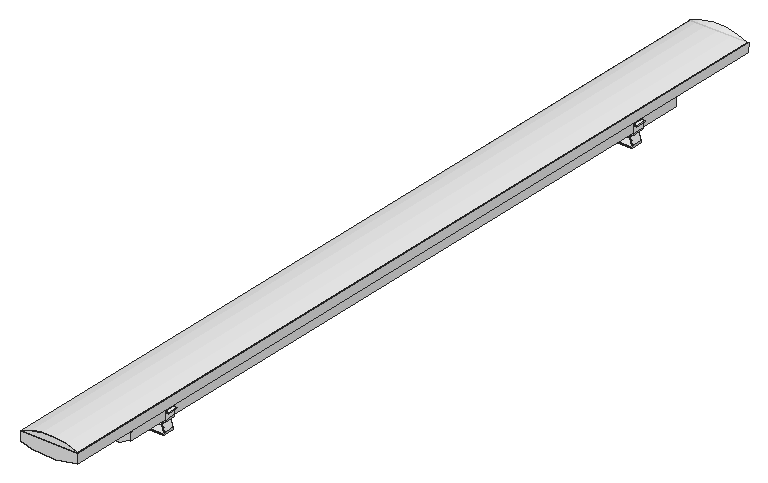
Revit family "Lighting-Industrial-GEWISS-SMART[3]PLUS-HLO-WATERTIGHT-LED_TRANSPARENT_MEDBEAM_1600mm", category Apparecchi per illuminazione, host Superficie, Revit 2019
Family settings
  Host = Superficie
  Quota connettore circolare = Usa diametro
  Tipo di parte = Normale
  Taglio con vuoti quando caricato = No
  Sorgente d'illuminazione = Sì
  Condiviso = No
  Punto di calcolo locali = No
Parameters (values of type "GWS3323BC957 - SMART3 PLUS 1600 T.W.DALI HO CONC 9 57")
  Working temperature = "-25 +45 °C"
  Weight (kg): = ""
  Wattage = 27 W
  Warranty = "5 years"
  Voltage = "220-240 V "
  Visibilità simbolo [instance] = yes
  Visibilità pianta [instance] = not(Visibilità simbolo)  # no
  Visibilità etichetta [instance] = yes
  Version file RFA = "20.0"
  Variazione temperatura colore lampada con luminosità attenuata = (empty or 0)
  URL = "https://www.gewiss.com/ww/en"
  Typology = "DALI"
  Type of light source = "LED - Not replaceable"
  Technical sheet = "https://www.gewiss.com/ww/en/search?q=GWS3323BC957"
  System power = "63 W"
  Shock resistance = "IK08"
  Shield type = "Transparent"
  SEO = "Ceiling"
  Realized by GEWISS S.p.A. = ""
  Operating temperature: = "-25 +45 °C"
  Numero poli = 2
  built-in parameter 1150107 = 5700 (stored number, unit not read)
  Struttura = GRIGIO
  Stampa 1_200 = no
  Stampa 1_100 = not(Stampa 1_200)  # yes
  Spostamento_Y_etichetta [instance] = 0 mm
  Spostamento_Y_effettivo_etichetta [instance] = 1500 mm - Spostamento_Y_etichetta  # 1500 mm
  Spostamento_X_etichetta [instance] = 0 mm
  Spostamento_X_effettivo_etichetta [instance] = 1500 mm - Spostamento_X_etichetta  # 1500 mm
  Schermo. = Led Acceso
  Default Elevation = 1219.2 mm
  Produttore = "GEWISS S.p.A."
  built-in parameter 1150110 = 1 (stored number, unit not read)
  built-in parameter 1150109 = 1 (stored number, unit not read)
  built-in parameter 1114218 = 1 (stored number, unit not read)
  built-in parameter 1150112 = 1 (stored number, unit not read)
  Nominal flux (lm) = ""
  No. LED (#) = ""
  Modello = "GWS3323BC957"
  built-in parameter 1150137 = (empty or 0)
  built-in parameter 1150132 = (empty or 0)
  Lunghezza Lampada = 1600 mm  # constant formula
  Lumen output (lm) = "7100"
  Length = "1600 mm"
  Lampada = "LED"
  Lamp = "LED"
  LED LifeTime (L80B20) = ""
  LED Life time (L80B50) = ""
  LED Life time (L70) = ""
  LED Life Time (L90B50) = ""
  built-in parameter 1150105 = 1406.7 (stored number, unit not read)
  built-in parameter 1150102 = (empty or 0)
  Insulation class = "II"
  Immagine tipo = GWS3280TS.jpg
  built-in parameter 1150106 = 14.067 (stored number, unit not read)
  IP degree = "IP66/IP69"
  IFC.TypeObject = ""
  IFC.ExportType = ""
  IFC.ExportAs = ""
  IDT = "b00432e8-6c7e-4c0b-b2bb-cd3ca21adb70"
  IDF = "2e32ed57-e4cd-4863-9dd7-ff54225198b2"
  Glow Wire Test = "850°C"
  Ganci = Alluminio
  Lumens = 4010.63 lm
  Color Filter = 16777215
  File diagramma fotometrico = "GWS3323BC957.IES"
  built-in parameter 1114217 = 1 (stored number, unit not read)
  built-in parameter 1150139 = (empty or 0)
  Failure rate apparecchio (50.000h, Tq=25Â° C) = ""
  Failure rate apparecchio (35.000h, Tq=35Â° C) = ""
  Emetti da lunghezza linea = 1200 mm
  Electrocod = "2434"
  Efficiency class of integrated LEDs = "A ÷ A++"
  built-in parameter 1150104 = 13.8 (stored number, unit not read)
  EAN code = ""
  Driver type = ""
  built-in parameter 1150115 = 1 (stored number, unit not read)
  built-in parameter 1150114 = 1 (stored number, unit not read)
  built-in parameter 1150113 = 1 (stored number, unit not read)
  Device with reduced surface temperature = ""
  Descrizione = "SMART3 PLUS 1600 T.W.DALI HO CONC 9 57"
  Commenti sul wattaggio = "67W"
  Colour temperature: = "5700 K (CRI > 90)"
  Colour temperature = "5700 K (CRI > 90)"
  built-in parameter 1150134 = (empty or 0)
  built-in parameter 1150138 = (empty or 0)
  Catalogue Range = "SMART[3] PLUS HLO"
  Catalogue = "LIGHTING"
  Carico apparente = 67 VA
  COBie.Tagnumber = ""
  COBie.CreatedOn = ""
  COBie.CreatebBy = ""
  COBie.ComponentRegisterItemID = ""
  COBie.Component.TagNumber = ""
  COBie.Component.Space = ""
  COBie.Component.SerialNumber = ""
  COBie.Component.InstallationDate = ""
  COBie.Component.Description = ""
  COBie.Component.BarCode = ""
  Application = "Indoor"
  Tilt Angle = -90.00°
  built-in parameter 1150133 = 10 (stored number, unit not read)
Types (24, lengths in mm): name | Working temperature | Typology | Technical sheet | System power | Operating temperature: | Modello | Lumen output (lm) | Immagine tipo | IDT | File diagramma fotometrico | Descrizione | Commenti sul wattaggio | Colour temperature: | Colour temperature | Carico apparente
  GWS3320BC830 - SMART3 PLUS 1600 ON/OFF HO CONC 8 30 | "-25 +50 °C" | "" | "https://www.gewiss.com/ww/en/search?q=GWS3320BC830" | "61 W" | "-25 +50 °C" | "GWS3320BC830" | "8500" | GWS3158T.jpg | "51874a5f-5911-4fc8-a872-f72a5111fd3c" | "GWS3320BC830.IES" | "SMART3 PLUS 1600 ON/OFF HO CONC 8 30" | "26W" | "3000 K (CRI > 80)" | "3000 K (CRI > 80)" | 26 VA
  GWS3320BC840 - SMART3 PLUS 1600 ON/OFF HO CONC 8 40 | "-25 +50 °C" | "" | "https://www.gewiss.com/ww/en/search?q=GWS3320BC840" | "61 W" | "-25 +50 °C" | "GWS3320BC840" | "8900" | GWS3158T30K.jpg | "e9fb3ce9-b5e0-4438-a7fa-7e89d9c6abb2" | "GWS3320BC840.IES" | "SMART3 PLUS 1600 ON/OFF HO CONC 8 40" | "26W" | "4000 K (CRI > 80)" | "4000 K (CRI > 80)" | 26 VA
  GWS3320BC857 - SMART3 PLUS 1600 ON/OFF HO CONC 8 57 | "-25 +50 °C" | "" | "https://www.gewiss.com/ww/en/search?q=GWS3320BC857" | "61 W" | "-25 +50 °C" | "GWS3320BC857" | "8900" | GWS3158T57K.jpg | "e657f4e3-5612-4aa4-8f5e-469920edbc74" | "GWS3320BC857.IES" | "SMART3 PLUS 1600 ON/OFF HO CONC 8 57" | "26W" | "5700 K (CRI > 80)" | "5700 K (CRI > 80)" | 26 VA
  GWS3321BC940 - SMART3 PLUS 1600 DALI HO CONC 9 40 | "-25 +45 °C" | "DALI" | "https://www.gewiss.com/ww/en/search?q=GWS3321BC940" | "63 W" | "-25 +45 °C" | "GWS3321BC940" | "7100" | GWS3258T.jpg | "65958f95-e7f8-4c19-86e3-ff2f32f95c70" | "GWS3321BC940.IES" | "SMART3 PLUS 1600 DALI HO CONC 9 40" | "53W" | "4000 K (CRI > 90)" | "4000 K (CRI > 90)" | 53 VA
  GWS3321BC957 - SMART3 PLUS 1600 DALI HO CONC 9 57 | "-25 +45 °C" | "DALI" | "https://www.gewiss.com/ww/en/search?q=GWS3321BC957" | "63 W" | "-25 +45 °C" | "GWS3321BC957" | "7100" | GWS3258T30K.jpg | "87f11829-bd42-43da-abd5-1284eb4abbd7" | "GWS3321BC957.IES" | "SMART3 PLUS 1600 DALI HO CONC 9 57" | "53W" | "5700 K (CRI > 90)" | "5700 K (CRI > 90)" | 53 VA
  GWS3322BC830 - SMART3 PLUS 1600 T.W.ON/OFF HO CONC 8 30 | "-25 +50 °C" | "" | "https://www.gewiss.com/ww/en/search?q=GWS3322BC830" | "61 W" | "-25 +50 °C" | "GWS3322BC830" | "8500" | GWS3258T57K.jpg | "64a5e25e-2b8b-4251-b203-5ea693b3453b" | "GWS3322BC830.IES" | "SMART3 PLUS 1600 T.W.ON/OFF HO CONC 8 30" | "53W" | "3000 K (CRI > 80)" | "3000 K (CRI > 80)" | 53 VA
  GWS3320BC930 - SMART3 PLUS 1600 ON/OFF HO CONC 9 30 | "-25 +50 °C" | "" | "https://www.gewiss.com/ww/en/search?q=GWS3320BC930" | "61 W" | "-25 +50 °C" | "GWS3320BC930" | "6600" | GWS3158TD30K.jpg | "d27e9a01-79ad-4849-b71e-ad3046dd77c8" | "GWS3320BC930.IES" | "SMART3 PLUS 1600 ON/OFF HO CONC 9 30" | "27W" | "3000 K (CRI > 90)" | "3000 K (CRI > 90)" | 27 VA
  GWS3320BC940 - SMART3 PLUS 1600 ON/OFF HO CONC 9 40 | "-25 +50 °C" | "" | "https://www.gewiss.com/ww/en/search?q=GWS3320BC940" | "61 W" | "-25 +50 °C" | "GWS3320BC940" | "7100" | GWS3158TD57K.jpg | "889abac6-9bb5-4058-b233-50f464c11995" | "GWS3320BC940.IES" | "SMART3 PLUS 1600 ON/OFF HO CONC 9 40" | "27W" | "4000 K (CRI > 90)" | "4000 K (CRI > 90)" | 27 VA
  GWS3320BC957 - SMART3 PLUS 1600 ON/OFF HO CONC 9 57 | "-25 +50 °C" | "" | "https://www.gewiss.com/ww/en/search?q=GWS3320BC957" | "61 W" | "-25 +50 °C" | "GWS3320BC957" | "7100" | GWS3158TL.jpg | "5ad3064c-a93f-4846-a5d8-ab0fe61b4c5d" | "GWS3320BC957.IES" | "SMART3 PLUS 1600 ON/OFF HO CONC 9 57" | "26W" | "5700 K (CRI > 90)" | "5700 K (CRI > 90)" | 26 VA
  GWS3321BC830 - SMART3 PLUS 1600 DALI HO CONC 8 30 | "-25 +45 °C" | "DALI" | "https://www.gewiss.com/ww/en/search?q=GWS3321BC830" | "63 W" | "-25 +45 °C" | "GWS3321BC830" | "8500" | GWS3158TL30K.jpg | "a60093cb-3f4d-4f96-8bdb-7d650ae2cbaa" | "GWS3321BC830.IES" | "SMART3 PLUS 1600 DALI HO CONC 8 30" | "26W" | "3000 K (CRI > 80)" | "3000 K (CRI > 80)" | 26 VA
  GWS3321BC840 - SMART3 PLUS 1600 DALI HO CONC 8 40 | "-25 +45 °C" | "DALI" | "https://www.gewiss.com/ww/en/search?q=GWS3321BC840" | "63 W" | "-25 +45 °C" | "GWS3321BC840" | "8900" | GWS3158TL57K.jpg | "7fb05e5f-cd81-445a-8df8-66fea902ef50" | "GWS3321BC840.IES" | "SMART3 PLUS 1600 DALI HO CONC 8 40" | "26W" | "4000 K (CRI > 80)" | "4000 K (CRI > 80)" | 26 VA
  GWS3321BC857 - SMART3 PLUS 1600 DALI HO CONC 8 57 | "-25 +45 °C" | "DALI" | "https://www.gewiss.com/ww/en/search?q=GWS3321BC857" | "63 W" | "-25 +45 °C" | "GWS3321BC857" | "8900" | GWS3158TLD30K.jpg | "5ec17c8a-fe5e-42aa-a6a3-d3f001b0f863" | "GWS3321BC857.IES" | "SMART3 PLUS 1600 DALI HO CONC 8 57" | "27W" | "5700 K (CRI > 80)" | "5700 K (CRI > 80)" | 27 VA
  GWS3321BC930 - SMART3 PLUS 1600 DALI HO CONC 9 30 | "-25 +45 °C" | "DALI" | "https://www.gewiss.com/ww/en/search?q=GWS3321BC930" | "63 W" | "-25 +45 °C" | "GWS3321BC930" | "6600" | GWS3158TLD57K.jpg | "fad7e840-af3a-4df0-b764-14f4147dd9ba" | "GWS3321BC930.IES" | "SMART3 PLUS 1600 DALI HO CONC 9 30" | "27W" | "3000 K (CRI > 90)" | "3000 K (CRI > 90)" | 27 VA
  GWS3322BC840 - SMART3 PLUS 1600 T.W.ON/OFF HO CONC 8 40 | "-25 +50 °C" | "" | "https://www.gewiss.com/ww/en/search?q=GWS3322BC840" | "61 W" | "-25 +50 °C" | "GWS3322BC840" | "8900" | GWS3258TD.jpg | "95eb6b9a-2660-4f3a-a8cc-c0dcb3b3a553" | "GWS3322BC840.IES" | "SMART3 PLUS 1600 T.W.ON/OFF HO CONC 8 40" | "55W" | "4000 K (CRI > 80)" | "4000 K (CRI > 80)" | 55 VA
  GWS3322BC857 - SMART3 PLUS 1600 T.W.ON/OFF HO CONC 8 57 | "-25 +50 °C" | "" | "https://www.gewiss.com/ww/en/search?q=GWS3322BC857" | "61 W" | "-25 +50 °C" | "GWS3322BC857" | "8900" | GWS3258T30K.jpg | "c3caccaa-4e5a-4830-8f64-a7e2341cad41" | "GWS3322BC857.IES" | "SMART3 PLUS 1600 T.W.ON/OFF HO CONC 8 57" | "55W" | "5700 K (CRI > 80)" | "5700 K (CRI > 80)" | 55 VA
  GWS3322BC930 - SMART3 PLUS 1600 T.W.ON/OFF HO CONC 9 30 | "-25 +50 °C" | "" | "https://www.gewiss.com/ww/en/search?q=GWS3322BC930" | "61 W" | "-25 +50 °C" | "GWS3322BC930" | "6600" | GWS3258TD57K.jpg | "b1758d13-2a52-476e-b43b-9c48c757a74a" | "GWS3322BC930.IES" | "SMART3 PLUS 1600 T.W.ON/OFF HO CONC 9 30" | "55W" | "3000 K (CRI > 90)" | "3000 K (CRI > 90)" | 55 VA
  GWS3322BC940 - SMART3 PLUS 1600 T.W.ON/OFF HO CONC 9 40 | "-25 +50 °C" | "" | "https://www.gewiss.com/ww/en/search?q=GWS3322BC940" | "61 W" | "-25 +50 °C" | "GWS3322BC940" | "7100" | GWS3258TL.jpg | "2488c67f-667e-4f1e-b686-f3dfdf3056d8" | "GWS3322BC940.IES" | "SMART3 PLUS 1600 T.W.ON/OFF HO CONC 9 40" | "53W" | "4000 K (CRI > 90)" | "4000 K (CRI > 90)" | 53 VA
  GWS3322BC957 - SMART3 PLUS 1600 T.W.ON/OFF HO CONC 9 57 | "-25 +50 °C" | "" | "https://www.gewiss.com/ww/en/search?q=GWS3322BC957" | "61 W" | "-25 +50 °C" | "GWS3322BC957" | "7100" | GWS3258TL30K.jpg | "f705bc28-f25b-4d57-9af6-de8809458856" | "GWS3322BC957.IES" | "SMART3 PLUS 1600 T.W.ON/OFF HO CONC 9 57" | "53W" | "5700 K (CRI > 90)" | "5700 K (CRI > 90)" | 53 VA
  GWS3323BC830 - SMART3 PLUS 1600 T.W.DALI HO CONC 8 30 | "-25 +45 °C" | "DALI" | "https://www.gewiss.com/ww/en/search?q=GWS3323BC830" | "63 W" | "-25 +45 °C" | "GWS3323BC830" | "8500" | GWS3258TL57K.jpg | "2716a0e9-64e2-469b-bfd0-99e64ee285ab" | "GWS3323BC830.IES" | "SMART3 PLUS 1600 T.W.DALI HO CONC 8 30" | "53W" | "3000 K (CRI > 80)" | "3000 K (CRI > 80)" | 53 VA
  GWS3323BC840 - SMART3 PLUS 1600 T.W.DALI HO CONC 8 40 | "-25 +45 °C" | "DALI" | "https://www.gewiss.com/ww/en/search?q=GWS3323BC840" | "63 W" | "-25 +45 °C" | "GWS3323BC840" | "8900" | GWS3258TLD.jpg | "53bf4455-74a7-45b5-9f99-1f0571a5c14e" | "GWS3323BC840.IES" | "SMART3 PLUS 1600 T.W.DALI HO CONC 8 40" | "55W" | "4000 K (CRI > 80)" | "4000 K (CRI > 80)" | 55 VA
  GWS3323BC857 - SMART3 PLUS 1600 T.W.DALI HO CONC 8 57 | "-25 +45 °C" | "DALI" | "https://www.gewiss.com/ww/en/search?q=GWS3323BC857" | "63 W" | "-25 +45 °C" | "GWS3323BC857" | "8900" | GWS3258TLD30K.jpg | "d207a6d6-3db3-4a8c-882d-02bcd1ab076f" | "GWS3323BC857.IES" | "SMART3 PLUS 1600 T.W.DALI HO CONC 8 57" | "55W" | "5700 K (CRI > 80)" | "5700 K (CRI > 80)" | 55 VA
  GWS3323BC930 - SMART3 PLUS 1600 T.W.DALI HO CONC 9 30 | "-25 +45 °C" | "DALI" | "https://www.gewiss.com/ww/en/search?q=GWS3323BC930" | "63 W" | "-25 +45 °C" | "GWS3323BC930" | "6600" | GWS3258TLD57K.jpg | "c4e6d04e-cb91-4804-836c-f12bcb5acef6" | "GWS3323BC930.IES" | "SMART3 PLUS 1600 T.W.DALI HO CONC 9 30" | "55W" | "3000 K (CRI > 90)" | "3000 K (CRI > 90)" | 55 VA
  GWS3323BC957 - SMART3 PLUS 1600 T.W.DALI HO CONC 9 57 | "-25 +45 °C" | "DALI" | "https://www.gewiss.com/ww/en/search?q=GWS3323BC957" | "63 W" | "-25 +45 °C" | "GWS3323BC957" | "7100" | GWS3280TS.jpg | "b00432e8-6c7e-4c0b-b2bb-cd3ca21adb70" | "GWS3323BC957.IES" | "SMART3 PLUS 1600 T.W.DALI HO CONC 9 57" | "67W" | "5700 K (CRI > 90)" | "5700 K (CRI > 90)" | 67 VA
  GWS3323BC940 - SMART3 PLUS 1600 T.W.DALI HO CONC 9 40 | "-25 +45 °C" | "DALI" | "https://www.gewiss.com/ww/en/search?q=GWS3323BC940" | "63 W" | "-25 +45 °C" | "GWS3323BC940" | "7100" | GWS3280TLS.jpg | "34a9e3cc-20e7-4faf-acb9-680dcd69804f" | "GWS3323BC940.IES" | "SMART3 PLUS 1600 T.W.DALI HO CONC 9 40" | "67W" | "4000 K (CRI > 90)" | "4000 K (CRI > 90)" | 67 VA
Reference planes
  plane 1 "Centro (Fronte/Retro)": y = 0
  plane 2: z = 0
  plane 3 "Centro (Sinistra/Destra)": x = 0
  plane 4: x = -1500
  plane 5: y = -1500
  plane 6: x = 0
  plane 7: y = 0
Forms (mm)
  Extrusion 1, solid, material "Alluminio" <- "Ganci", detail levels medium+fine
    sketch origin (0, 0, 0) x (1, 0, 0) y (0, 0, 1)
      loop
        arc (31.431, -0.002) -> (34.576, 1.589) -> (35.156, 5.066) r 3.903
        line (35.156, 5.066) -> (29.612, 23.211)
        arc (29.612, 23.211) -> (29.883, 24.381) -> (31.032, 24.73) r 1.2
        line (31.032, 24.73) -> (34.307, 23.974)
        arc (34.307, 23.974) -> (36.765, 24.53) -> (37.859, 26.8) r 2.9
        line (37.859, 26.8) -> (37.859, 38.8)
        arc (37.859, 38.8) -> (37.648, 39.694) -> (37.059, 40.4) r 2
        line (37.059, 40.4) -> (37.059, 42.71) -> (42.861, 40.598) -> (43.203, 41.538) -> (37.53, 43.603)
        arc (37.53, 43.603) -> (37.019, 43.613) -> (36.605, 43.311) r 0.8
        line (36.605, 43.311) -> (36.306, 26.139)
        arc (36.306, 26.139) -> (35.6, 25.444) -> (34.616, 25.34) r 1.5
        line (34.616, 25.34) -> (31.344, 26.095)
        arc (31.344, 26.095) -> (28.858, 25.335) -> (28.273, 22.802) r 2.6
        line (28.273, 22.802) -> (33.827, 4.636)
        arc (33.827, 4.636) -> (33.449, 2.415) -> (31.438, 1.4) r 2.5
        line (31.438, 1.4) -> (-31.437, 1.4)
        arc (-31.437, 1.4) -> (-33.449, 2.415) -> (-33.827, 4.636) r 2.5
        line (-33.827, 4.636) -> (-28.273, 22.802)
        arc (-28.273, 22.802) -> (-28.858, 25.335) -> (-31.344, 26.095) r 2.6
        line (-31.344, 26.095) -> (-34.616, 25.34)
        arc (-34.616, 25.34) -> (-35.6, 25.444) -> (-36.306, 26.139) r 1.5
        line (-36.306, 26.139) -> (-36.605, 43.311)
        arc (-36.605, 43.311) -> (-37.019, 43.613) -> (-37.53, 43.603) r 0.8
        line (-37.53, 43.603) -> (-43.203, 41.538) -> (-42.861, 40.598) -> (-37.059, 42.71) -> (-37.059, 40.4)
        arc (-37.059, 40.4) -> (-37.648, 39.694) -> (-37.859, 38.8) r 2
        line (-37.859, 38.8) -> (-37.859, 26.8)
        arc (-37.859, 26.8) -> (-36.765, 24.53) -> (-34.307, 23.974) r 2.9
        line (-34.307, 23.974) -> (-31.032, 24.73)
        arc (-31.032, 24.73) -> (-29.883, 24.381) -> (-29.612, 23.211) r 1.2
        line (-29.612, 23.211) -> (-35.156, 5.066)
        arc (-35.156, 5.066) -> (-34.576, 1.589) -> (-31.431, -0.002) r 3.903
        line (-31.431, -0.002) -> (31.431, -0.002)
    from 548.766 to 568.766
  Extrusion 2, solid, material "Alluminio" <- "Ganci", detail levels medium+fine
    sketch origin (0, 0, 0) x (1, 0, 0) y (0, 0, -1)
      loop
        line (31.431, 0.002) -> (-31.431, 0.002)
        arc (-31.431, 0.002) -> (-34.576, -1.589) -> (-35.156, -5.066) r 3.903
        line (-35.156, -5.066) -> (-29.612, -23.211)
        arc (-29.612, -23.211) -> (-29.883, -24.381) -> (-31.032, -24.73) r 1.2
        line (-31.032, -24.73) -> (-34.307, -23.974)
        arc (-34.307, -23.974) -> (-36.765, -24.53) -> (-37.859, -26.8) r 2.9
        line (-37.859, -26.8) -> (-37.859, -38.8)
        arc (-37.859, -38.8) -> (-37.648, -39.694) -> (-37.059, -40.4) r 2
        line (-37.059, -40.4) -> (-37.059, -42.71) -> (-42.861, -40.598) -> (-43.203, -41.538) -> (-37.53, -43.603)
        arc (-37.53, -43.603) -> (-37.019, -43.613) -> (-36.605, -43.311) r 0.8
        line (-36.605, -43.311) -> (-36.306, -26.139)
        arc (-36.306, -26.139) -> (-35.6, -25.444) -> (-34.616, -25.34) r 1.5
        line (-34.616, -25.34) -> (-31.344, -26.095)
        arc (-31.344, -26.095) -> (-28.858, -25.335) -> (-28.273, -22.802) r 2.6
        line (-28.273, -22.802) -> (-33.827, -4.636)
        arc (-33.827, -4.636) -> (-33.449, -2.415) -> (-31.437, -1.4) r 2.5
        line (-31.437, -1.4) -> (31.438, -1.4)
        arc (31.438, -1.4) -> (33.449, -2.415) -> (33.827, -4.636) r 2.5
        line (33.827, -4.636) -> (28.273, -22.802)
        arc (28.273, -22.802) -> (28.858, -25.335) -> (31.344, -26.095) r 2.6
        line (31.344, -26.095) -> (34.616, -25.34)
        arc (34.616, -25.34) -> (35.6, -25.444) -> (36.306, -26.139) r 1.5
        line (36.306, -26.139) -> (36.605, -43.311)
        arc (36.605, -43.311) -> (37.019, -43.613) -> (37.53, -43.603) r 0.8
        line (37.53, -43.603) -> (43.203, -41.538) -> (42.861, -40.598) -> (37.059, -42.71) -> (37.059, -40.4)
        arc (37.059, -40.4) -> (37.648, -39.694) -> (37.859, -38.8) r 2
        line (37.859, -38.8) -> (37.859, -26.8)
        arc (37.859, -26.8) -> (36.765, -24.53) -> (34.307, -23.974) r 2.9
        line (34.307, -23.974) -> (31.032, -24.73)
        arc (31.032, -24.73) -> (29.883, -24.381) -> (29.612, -23.211) r 1.2
        line (29.612, -23.211) -> (35.156, -5.066)
        arc (35.156, -5.066) -> (34.576, -1.589) -> (31.431, 0.002) r 3.903
    from 548.766 to 568.766
  Extrusion 3, solid, material "GRIGIO" <- "Struttura", detail levels medium+fine
    sketch origin (0, 0, 0) x (1, 0, 0) y (0, 0, 1)
      loop
        line (-36.331, 55.757) -> (-35.847, 28.018)
        arc (-35.847, 28.018) -> (-33.139, 27.27) -> (-30.416, 26.58) r 129.5
        arc (-30.416, 26.58) -> (-28.066, 25.76) -> (-25.915, 24.506) r 13
        arc (-25.915, 24.506) -> (-24.23, 23.324) -> (-22.521, 22.178) r 99.5
        arc (-22.521, 22.178) -> (-16.401, 19.063) -> (-9.748, 17.365) r 31.146
        line (-9.748, 17.365) -> (12.491, 17.365)
        arc (12.491, 17.365) -> (17.822, 19.098) -> (22.764, 21.745) r 31.646
        arc (22.764, 21.745) -> (24.509, 22.915) -> (26.228, 24.122) r 100
        arc (26.228, 24.122) -> (28.283, 25.313) -> (30.525, 26.095) r 12.5
        arc (30.525, 26.095) -> (33.437, 26.834) -> (36.332, 27.64) r 130
        line (36.332, 27.64) -> (36.824, 55.851)
        arc (36.824, 55.851) -> (24.914, 53.937) -> (12.909, 52.764) r 195.047
        line (12.909, 52.764) -> (-12.909, 52.764)
        arc (-12.909, 52.764) -> (-24.665, 53.905) -> (-36.331, 55.757) r 195.047
    from -650 to 650
  Extrusion 4, solid, material "GRIGIO" <- "Struttura", detail levels medium+fine
    sketch origin (0, 0, 0) x (1, 0, 0) y (0, 0, 1)
      loop
        line (54.725, 60.184) -> (55.177, 77.445) -> (-55.177, 77.445) -> (-54.725, 60.184)
        arc (-54.725, 60.184) -> (-34.019, 55.332) -> (-12.909, 52.764) r 195.047
        line (-12.909, 52.764) -> (12.909, 52.764)
        arc (12.909, 52.764) -> (34.019, 55.332) -> (54.725, 60.184) r 195.047
    from -800 to 800
  Extrusion 5, solid, material "Led Acceso" <- "Schermo.", detail levels medium+fine
    sketch origin (0, 0, 0) x (1, 0, 0) y (0, 0, 1)
      loop
        arc (54.697, 78.441) -> (-0.014, 90.457) -> (-54.723, 78.429) r 130.5
        arc (-54.723, 78.429) -> (-54.988, 77.838) -> (-54.5, 77.445) r 0.5
        line (-54.5, 77.445) -> (54.479, 77.445)
        arc (54.479, 77.445) -> (54.988, 77.855) -> (54.697, 78.441) r 0.522
    from -800 to 800
  Extrusion 6, solid, material "GRIGIO" <- "Struttura", detail levels coarse
    sketch origin (0, 0, 0) x (1, 0, 0) y (0, 0, 1)
      loop
        line (-54.5, 90.439) -> (-54.5, 0) -> (54.5, 0) -> (54.5, 90.439) -> (-54.5, 90.439)
    from -800 to 800
Lines and regions (mm)
  Masking region 1, visible <- "Visibilità pianta"
    outline origin (0, 0, 0) x (1, 0, 0) y (0, 1, 0)
      loop
        line (-55.177, 800) -> (-55.177, -800) -> (55.177, -800) -> (55.177, 800) -> (-55.177, 800)
  model lines, style "GEWISS - LIGHT 2D", not visible, detail levels medium+fine
    curve 1: arc (599.156, 237.359, 0) -> (604.568, 231.947, 0) -> (609.98, 237.359, 0) r 5.412
    curve 6: arc (581.804, 237.359, 0) -> (582.83, 230.601, 0) -> (585.816, 224.453, 0) r 22.764
    curve 7: arc (623.32, 224.453, 0) -> (626.306, 230.601, 0) -> (627.332, 237.359, 0) r 22.764
    curve 8: arc (609.98, -154.35, 0) -> (604.568, -148.937, 0) -> (599.156, -154.35, 0) r 5.412
    curve 14: arc (585.816, -141.444, 0) -> (582.83, -147.592, 0) -> (581.804, -154.35, 0) r 22.764
    curve 15: arc (627.332, -154.35, 0) -> (626.306, -147.592, 0) -> (623.32, -141.444, 0) r 22.764
    curve 22: line (581.804, 248.502, 0) -> (581.804, 237.359, 0)
    curve 23: line (581.804, 237.359, 0) -> (599.156, 237.359, 0)
    curve 24: line (599.156, 237.359, 0) -> (599.156, 248.502, 0)
    curve 25: line (599.156, 256.809, 0) -> (599.156, 262.193, 0)
    curve 26: line (609.98, 248.502, 0) -> (609.98, 237.359, 0)
    curve 27: line (609.98, 237.359, 0) -> (627.332, 237.359, 0)
    curve 28: line (627.332, 237.359, 0) -> (627.332, 248.502, 0)
    curve 39: line (581.804, -154.35, 0) -> (581.804, -165.498, 0)
    curve 40: line (581.804, -165.498, 0) -> (581.804, -154.35, 0)
    curve 41: line (581.804, -154.35, 0) -> (599.156, -154.35, 0)
    curve 42: line (599.156, -154.35, 0) -> (599.156, -165.498, 0)
    curve 43: line (609.98, -165.498, 0) -> (609.98, -154.35, 0)
    curve 44: line (609.98, -154.35, 0) -> (627.332, -154.35, 0)
    curve 45: line (627.332, -154.35, 0) -> (627.332, -165.498, 0)
    curve 46: line (627.332, -165.498, 0) -> (627.332, -154.35, 0)
    curve 47: line (609.98, -179.249, 0) -> (609.98, -173.749, 0)
    curve 50: line (599.156, -179.191, 0) -> (599.156, -173.807, 0)
    curve 94: circle (617.836, 259.501, 0) r 1.5 normal (0, 0, 1)
    curve 95: circle (591.836, 259.501, 0) r 1.5 normal (0, 0, 1)
    curve 96: arc (610.218, 256.751, 0) -> (612.968, 259.501, 0) -> (610.218, 262.251, 0) r 2.75
    curve 97: arc (599.718, 262.251, 0) -> (596.968, 259.501, 0) -> (599.718, 256.751, 0) r 2.75
    curve 102: circle (617.836, -176.499, 0) r 1.5 normal (0, 0, 1)
    curve 103: circle (591.836, -176.499, 0) r 1.5 normal (0, 0, 1)
    curve 104: arc (610.218, -179.249, 0) -> (612.968, -176.499, 0) -> (610.218, -173.749, 0) r 2.75
    curve 105: arc (599.718, -173.749, 0) -> (596.968, -176.499, 0) -> (599.718, -179.249, 0) r 2.75
    curve 184: line (599.718, 262.251, 0) -> (610.218, 262.251, 0)
    curve 185: line (599.718, 256.751, 0) -> (610.218, 256.751, 0)
    curve 194: line (599.718, -173.749, 0) -> (610.218, -173.749, 0)
    curve 195: line (599.718, -179.249, 0) -> (610.218, -179.249, 0)
    curve 214: line (604.568, 230.323, 0) -> (604.568, 244.394, 0)
    curve 215: line (611.603, 237.359, 0) -> (597.532, 237.359, 0)
    curve 216: line (604.568, -161.385, 0) -> (604.568, -147.314, 0)
    curve 217: line (611.603, -154.35, 0) -> (597.532, -154.35, 0)
    curve 223: line (617.836, 257.551, 0) -> (617.836, 261.451, 0)
    curve 224: line (619.786, 259.501, 0) -> (615.886, 259.501, 0)
    curve 225: line (591.836, 257.551, 0) -> (591.836, 261.451, 0)
    curve 226: line (593.786, 259.501, 0) -> (589.886, 259.501, 0)
    curve 227: line (603.293, 259.501, 0) -> (596.143, 259.501, 0)
    curve 228: line (610.218, 255.926, 0) -> (610.218, 263.076, 0)
    curve 229: line (613.793, 259.501, 0) -> (606.643, 259.501, 0)
    curve 230: line (617.836, -178.449, 0) -> (617.836, -174.549, 0)
    curve 231: line (619.786, -176.499, 0) -> (615.886, -176.499, 0)
    curve 232: line (591.836, -178.449, 0) -> (591.836, -174.549, 0)
    curve 233: line (593.786, -176.499, 0) -> (589.886, -176.499, 0)
    curve 234: line (599.718, -180.074, 0) -> (599.718, -172.924, 0)
    curve 235: line (603.293, -176.499, 0) -> (596.143, -176.499, 0)
    curve 236: line (610.218, -180.074, 0) -> (610.218, -172.924, 0)
    curve 237: line (613.793, -176.499, 0) -> (606.643, -176.499, 0)
    curve 238: arc (585.816, 224.453, 0) -> (604.568, 218.168, 0) -> (623.32, 224.453, 0) r 31.118
    curve 239: arc (623.32, -141.444, 0) -> (604.568, -135.159, 0) -> (585.816, -141.444, 0) r 31.118
  model lines, style "GEWISS - LIGHT 2D", not visible
    curve 2: arc (642.177, 315.223, 0) -> (641.755, 316.267, 0) -> (640.725, 316.723, 0) r 1.499
    curve 3: arc (640.726, -233.714, 0) -> (641.755, -233.258, 0) -> (642.177, -232.214, 0) r 1.499
    curve 4: arc (568.41, 316.723, 0) -> (567.381, 316.267, 0) -> (566.959, 315.223, 0) r 1.499
    curve 5: arc (566.959, -232.214, 0) -> (567.38, -233.258, 0) -> (568.409, -233.714, 0) r 1.499
    curve 16: line (568.41, 316.723, 0) -> (592.409, 317.119, 0)
    curve 17: line (592.409, 317.119, 0) -> (595.819, 317.196, 0)
    curve 18: line (595.819, 317.196, 0) -> (604.587, 317.348, 0)
    curve 19: line (604.587, 317.348, 0) -> (613.319, 317.196, 0)
    curve 20: line (613.319, 317.196, 0) -> (616.729, 317.119, 0)
    curve 21: line (616.729, 317.119, 0) -> (640.725, 316.723, 0)
    curve 29: line (568.409, -233.714, 0) -> (604.582, -234.348, 0)
    curve 30: line (604.582, -234.348, 0) -> (640.726, -233.714, 0)
    curve 31: line (642.177, -187.498, 0) -> (642.177, -232.214, 0)
    curve 32: line (642.177, 248.502, 0) -> (642.177, -165.498, 0)
    curve 33: line (642.177, 315.223, 0) -> (642.177, 270.502, 0)
    curve 34: line (566.959, 315.223, 0) -> (566.959, 270.502, 0)
    curve 35: line (566.959, 248.502, 0) -> (566.959, -165.498, 0)
    curve 36: line (566.959, -187.498, 0) -> (566.959, -232.214, 0)
    curve 37: line (604.549, -234.347, 0) -> (604.569, -233.348, 0)
    curve 38: line (604.569, -233.348, 0) -> (604.549, -234.347, 0)
    curve 48: line (609.989, -233.253, 0) -> (609.98, -232.753, 0)
    curve 49: line (609.98, -232.753, 0) -> (609.98, -187.498, 0)
    curve 51: line (599.147, -233.253, 0) -> (599.156, -232.753, 0)
    curve 52: line (599.156, -232.753, 0) -> (599.156, -187.498, 0)
    curve 53: line (604.568, -232.848, 0) -> (604.569, -233.348, 0)
    curve 54: line (604.569, -233.348, 0) -> (604.568, -232.848, 0)
    curve 69: arc (658.224, 441.447, 0) -> (657.902, 441.529, 0) -> (657.571, 441.558, 0) r 1.999
    curve 71: arc (659.744, 439.503, 0) -> (659.172, 440.906, 0) -> (657.781, 441.505, 0) r 1.998
    curve 72: arc (549.391, -356.494, 0) -> (549.963, -357.897, 0) -> (551.356, -358.495, 0) r 1.998
    curve 98: spline (648.539, 268.506, 0) -> (648.523, 268.767, 0) -> (648.475, 269.023, 0) -> (648.396, 269.27, 0) -> (648.287, 269.504, 0) -> (648.151, 269.721, 0) -> (647.989, 269.918, 0) -> (647.804, 270.09, 0) -> (647.599, 270.235, 0) -> (647.379, 270.35, 0) -> (647.146, 270.434, 0) -> (646.905, 270.485, 0) -> (646.66, 270.502, 0)
    curve 99: spline (646.66, 248.502, 0) -> (646.905, 248.519, 0) -> (647.146, 248.57, 0) -> (647.379, 248.654, 0) -> (647.599, 248.77, 0) -> (647.804, 248.916, 0) -> (647.989, 249.089, 0) -> (648.151, 249.286, 0) -> (648.287, 249.504, 0) -> (648.396, 249.739, 0) -> (648.475, 249.987, 0) -> (648.523, 250.245, 0) -> (648.539, 250.506, 0)
    curve 100: spline (561.397, 250.501, 0) -> (561.413, 250.24, 0) -> (561.461, 249.984, 0) -> (561.54, 249.736, 0) -> (561.648, 249.502, 0) -> (561.785, 249.284, 0) -> (561.947, 249.087, 0) -> (562.132, 248.915, 0) -> (562.336, 248.77, 0) -> (562.557, 248.654, 0) -> (562.79, 248.57, 0) -> (563.031, 248.519, 0) -> (563.276, 248.502, 0)
    curve 101: spline (563.276, 270.502, 0) -> (563.031, 270.485, 0) -> (562.79, 270.434, 0) -> (562.557, 270.35, 0) -> (562.336, 270.234, 0) -> (562.132, 270.089, 0) -> (561.947, 269.916, 0) -> (561.785, 269.72, 0) -> (561.648, 269.502, 0) -> (561.54, 269.267, 0) -> (561.461, 269.019, 0) -> (561.413, 268.763, 0) -> (561.397, 268.502, 0)
    curve 106: spline (648.539, -167.494, 0) -> (648.523, -167.233, 0) -> (648.475, -166.977, 0) -> (648.396, -166.73, 0) -> (648.287, -166.496, 0) -> (648.151, -166.279, 0) -> (647.989, -166.083, 0) -> (647.804, -165.911, 0) -> (647.599, -165.766, 0) -> (647.379, -165.65, 0) -> (647.146, -165.566, 0) -> (646.905, -165.515, 0) -> (646.66, -165.498, 0)
    curve 107: spline (646.66, -187.498, 0) -> (646.905, -187.481, 0) -> (647.146, -187.43, 0) -> (647.379, -187.346, 0) -> (647.599, -187.23, 0) -> (647.804, -187.084, 0) -> (647.989, -186.911, 0) -> (648.151, -186.714, 0) -> (648.287, -186.496, 0) -> (648.396, -186.261, 0) -> (648.475, -186.012, 0) -> (648.523, -185.755, 0) -> (648.539, -185.494, 0)
    curve 108: spline (561.397, -185.499, 0) -> (561.413, -185.76, 0) -> (561.461, -186.016, 0) -> (561.54, -186.264, 0) -> (561.648, -186.498, 0) -> (561.785, -186.716, 0) -> (561.947, -186.912, 0) -> (562.132, -187.085, 0) -> (562.336, -187.23, 0) -> (562.557, -187.346, 0) -> (562.79, -187.43, 0) -> (563.031, -187.481, 0) -> (563.276, -187.498, 0)
    curve 109: spline (563.276, -165.498, 0) -> (563.031, -165.516, 0) -> (562.79, -165.567, 0) -> (562.557, -165.651, 0) -> (562.336, -165.766, 0) -> (562.132, -165.912, 0) -> (561.947, -166.084, 0) -> (561.785, -166.281, 0) -> (561.648, -166.499, 0) -> (561.54, -166.733, 0) -> (561.461, -166.981, 0) -> (561.413, -167.238, 0) -> (561.397, -167.499, 0)
    curve 110: arc (657.245, -358.546, 0) -> (659.012, -357.814, 0) -> (659.745, -356.046, 0) r 2.5
    curve 111: arc (551.891, 441.558, 0) -> (550.123, 440.825, 0) -> (549.391, 439.058, 0) r 2.5
    curve 142: line (657.571, 441.558, 0) -> (604.567, 441.558, 0)
    curve 143: line (604.567, 441.558, 0) -> (551.891, 441.558, 0)
    curve 144: line (551.356, -358.495, 0) -> (604.568, -358.495, 0)
    curve 145: line (604.568, -358.495, 0) -> (657.245, -358.495, 0)
    curve 157: line (599.147, -233.253, 0) -> (604.569, -233.348, 0)
    curve 158: line (604.569, -233.348, 0) -> (609.989, -233.253, 0)
    curve 159: line (659.745, -356.046, 0) -> (659.745, 439.503, 0)
    curve 160: line (657.781, 441.505, 0) -> (604.567, 441.505, 0)
    curve 161: line (549.391, -356.494, 0) -> (549.391, 439.058, 0)
    curve 186: line (642.696, 270.501, 0) -> (642.427, 270.501, 0)
    curve 187: line (563.481, 270.502, 0) -> (563.276, 270.502, 0)
    curve 188: line (563.276, 270.502, 0) -> (646.454, 270.502, 0)
    curve 189: line (646.454, 270.502, 0) -> (646.66, 270.502, 0)
    curve 190: line (563.481, 248.502, 0) -> (563.276, 248.502, 0)
    curve 191: line (646.454, 248.502, 0) -> (646.66, 248.502, 0)
    curve 192: line (648.539, 250.506, 0) -> (648.539, 268.506, 0)
    curve 193: line (561.397, 250.501, 0) -> (561.397, 268.501, 0)
    curve 196: line (646.66, -165.498, 0) -> (646.454, -165.498, 0)
    curve 197: line (646.454, -165.498, 0) -> (642.696, -165.498, 0)
    curve 198: line (642.696, -165.498, 0) -> (642.427, -165.498, 0)
    curve 199: line (642.427, -165.498, 0) -> (639.905, -165.498, 0)
    curve 200: line (639.905, -165.498, 0) -> (636.805, -165.498, 0)
    curve 201: line (636.805, -165.498, 0) -> (573.13, -165.498, 0)
    curve 202: line (573.13, -165.498, 0) -> (570.031, -165.498, 0)
    curve 203: line (570.031, -165.498, 0) -> (567.508, -165.498, 0)
    curve 204: line (567.508, -165.498, 0) -> (567.24, -165.498, 0)
    curve 205: line (567.24, -165.498, 0) -> (563.481, -165.498, 0)
    curve 206: line (563.481, -165.498, 0) -> (563.276, -165.498, 0)
    curve 207: line (563.276, -187.498, 0) -> (563.481, -187.498, 0)
    curve 208: line (563.481, -187.498, 0) -> (646.454, -187.498, 0)
    curve 209: line (646.454, -187.498, 0) -> (646.66, -187.498, 0)
    curve 210: line (642.696, -187.499, 0) -> (642.427, -187.499, 0)
    curve 211: line (648.539, -185.494, 0) -> (648.539, -167.494, 0)
    curve 212: line (561.397, -185.499, 0) -> (561.397, -167.499, 0)
    curve 219: line (604.569, 276.529, 0) -> (604.569, -193.52, 0)
    curve 240: line (646.454, 248.502, 0) -> (563.276, 248.502, 0)
  model lines, style "GEWISS - LIGHT 2D", not visible, detail levels fine
    curve 9: arc (621.884, 350.407, 0) -> (621.798, 350.225, 0) -> (621.768, 350.027, 0) r 0.678
    curve 10: arc (622.621, 351.453, 0) -> (622.246, 350.935, 0) -> (621.884, 350.407, 0) r 25.107
    curve 11: arc (623.611, 352.703, 0) -> (623.106, 352.086, 0) -> (622.621, 351.453, 0) r 25.491
    curve 12: arc (626.634, 356.042, 0) -> (625.055, 354.434, 0) -> (623.611, 352.703, 0) r 27.8
    curve 13: arc (628.933, 357.976, 0) -> (627.762, 357.034, 0) -> (626.634, 356.042, 0) r 34.286
    curve 55: line (595.819, 317.196, 0) -> (595.819, 331.194, 0)
    curve 56: line (595.819, 331.194, 0) -> (595.823, 331.698, 0)
    curve 57: line (613.319, 317.196, 0) -> (613.319, 331.194, 0)
    curve 58: line (613.319, 331.194, 0) -> (613.315, 331.698, 0)
    curve 59: line (601.188, 333.427, 0) -> (595.819, 333.381, 0)
    curve 60: line (595.819, 333.381, 0) -> (592.551, 333.351, 0)
    curve 61: line (621.768, 349.976, 0) -> (621.768, 349.703, 0)
    curve 62: line (618.568, 339.703, 0) -> (618.568, 340.003, 0)
    curve 63: line (618.568, 340.003, 0) -> (618.568, 349.403, 0)
    curve 64: line (618.568, 349.403, 0) -> (618.568, 349.703, 0)
    curve 65: line (626.634, 356.042, 0) -> (625.666, 357.327, 0)
    curve 66: line (625.666, 357.327, 0) -> (625.303, 357.809, 0)
    curve 67: arc (615.276, 335.364, 0) -> (616.055, 336.638, 0) -> (614.919, 337.608, 0) r 1.15
    curve 68: arc (594.228, 337.608, 0) -> (593.084, 336.643, 0) -> (593.862, 335.364, 0) r 1.15
    curve 70: arc (618.493, 319.316, 0) -> (619.321, 319.921, 0) -> (619.181, 320.937, 0) r 1
    curve 73: arc (592.532, 331.227, 0) -> (592.389, 331.582, 0) -> (592.037, 331.731, 0) r 0.5
    curve 74: arc (617.101, 331.731, 0) -> (616.749, 331.582, 0) -> (616.606, 331.227, 0) r 0.5
    curve 75: arc (617.805, 349.703, 0) -> (617.188, 349.635, 0) -> (616.597, 349.441, 0) r 3
    curve 76: arc (606.569, 342.058, 0) -> (605.632, 343.753, 0) -> (603.698, 343.859, 0) r 2
    curve 77: arc (599.084, 344.854, 0) -> (601.221, 343.569, 0) -> (603.698, 343.859, 0) r 3.86
    curve 78: arc (598.376, 346.791, 0) -> (598.558, 345.76, 0) -> (599.084, 344.854, 0) r 3
    curve 79: arc (605.757, 349.962, 0) -> (611.115, 348.406, 0) -> (616.597, 349.441, 0) r 12
    curve 80: arc (622.068, 349.403, 0) -> (621.98, 349.615, 0) -> (621.768, 349.703, 0) r 0.3
    curve 81: arc (620.003, 351.317, 0) -> (619.679, 350.57, 0) -> (619.569, 349.763, 0) r 3
    curve 82: arc (603.144, 334.726, 0) -> (600.795, 328.007, 0) -> (607.888, 327.419, 0) r 4.5
    curve 83: arc (603.144, 334.726, 0) -> (605.626, 336.549, 0) -> (606.569, 339.481, 0) r 5
    curve 84: arc (602.226, 350.998, 0) -> (599.524, 350.005, 0) -> (598.376, 347.367, 0) r 3.66
    curve 85: arc (605.757, 349.962, 0) -> (604.052, 350.686, 0) -> (602.226, 350.998, 0) r 8
    curve 86: arc (621.772, 339.703, 0) -> (621.999, 339.807, 0) -> (622.068, 340.048, 0) r 0.3
    curve 87: arc (618.568, 339.703, 0) -> (617.972, 339.652, 0) -> (617.393, 339.5, 0) r 3.5
    curve 88: arc (617.393, 339.5, 0) -> (612.456, 336.19, 0) -> (609.712, 330.917, 0) r 12
    curve 89: arc (607.888, 327.419, 0) -> (609.019, 329.054, 0) -> (609.712, 330.917, 0) r 8
    curve 90: arc (620.895, 352.703, 0) -> (620.493, 352.099, 0) -> (620.105, 351.485, 0) r 29.999
    curve 91: arc (625.281, 357.788, 0) -> (623.014, 355.448, 0) -> (621.015, 352.877, 0) r 30
    curve 92: arc (627.608, 359.734, 0) -> (626.431, 358.8, 0) -> (625.303, 357.809, 0) r 29.995
    curve 93: circle (604.569, 330.458, 0) r 2.1 normal (0, 0, 1)
    curve 112: line (589.422, 320.458, 0) -> (589.069, 320.811, 0)
    curve 113: line (589.069, 320.811, 0) -> (589.069, 322.709, 0)
    curve 114: line (589.069, 322.709, 0) -> (589.069, 323.958, 0)
    curve 115: line (589.069, 323.958, 0) -> (589.422, 323.958, 0)
    curve 116: line (589.422, 323.958, 0) -> (590.069, 323.958, 0)
    curve 117: line (590.069, 323.958, 0) -> (590.069, 324.958, 0)
    curve 118: line (590.069, 324.958, 0) -> (589.422, 324.958, 0)
    curve 119: line (589.422, 324.958, 0) -> (589.069, 324.958, 0)
    curve 120: line (589.069, 324.958, 0) -> (589.069, 328.104, 0)
    curve 121: line (589.069, 328.104, 0) -> (589.422, 328.458, 0)
    curve 122: line (589.422, 324.958, 0) -> (589.422, 328.458, 0)
    curve 123: line (589.422, 328.458, 0) -> (591.069, 328.458, 0)
    curve 124: line (591.069, 328.458, 0) -> (591.069, 322.54, 0)
    curve 125: line (591.069, 322.54, 0) -> (591.069, 320.458, 0)
    curve 126: line (591.069, 320.458, 0) -> (589.422, 320.458, 0)
    curve 127: line (589.422, 320.458, 0) -> (589.422, 322.54, 0)
    curve 128: line (589.422, 322.54, 0) -> (589.422, 323.958, 0)
    curve 129: line (606.208, 337.608, 0) -> (602.469, 337.608, 0)
    curve 130: line (602.469, 337.608, 0) -> (599.469, 337.608, 0)
    curve 131: line (599.469, 337.608, 0) -> (596.069, 337.608, 0)
    curve 132: line (596.069, 337.608, 0) -> (594.228, 337.608, 0)
    curve 133: line (606.469, 338.477, 0) -> (606.569, 341.457, 0)
    curve 134: line (606.469, 341.458, 0) -> (602.469, 341.458, 0)
    curve 135: line (602.469, 341.458, 0) -> (599.469, 341.458, 0)
    curve 136: line (599.469, 341.458, 0) -> (596.519, 341.458, 0)
    curve 137: line (596.519, 341.458, 0) -> (594.919, 341.458, 0)
    curve 138: line (594.919, 341.458, 0) -> (593.969, 341.458, 0)
    curve 139: line (593.969, 341.458, 0) -> (593.969, 337.58, 0)
    curve 140: line (614.019, 337.651, 0) -> (614.969, 337.606, 0)
    curve 141: line (614.969, 337.606, 0) -> (614.969, 338.32, 0)
    curve 146: line (604.55, 335.458, 0) -> (595.819, 335.382, 0)
    curve 147: line (595.819, 335.382, 0) -> (592.569, 335.353, 0)
    curve 148: line (592.569, 335.353, 0) -> (592.551, 333.351, 0)
    curve 149: line (616.587, 333.351, 0) -> (616.569, 335.353, 0)
    curve 150: line (616.569, 335.353, 0) -> (613.319, 335.381, 0)
    curve 151: line (613.319, 335.381, 0) -> (611.803, 335.395, 0)
    curve 152: line (592.515, 329.208, 0) -> (591.069, 329.208, 0)
    curve 153: line (591.069, 329.208, 0) -> (591.069, 319.708, 0)
    curve 154: line (591.069, 319.708, 0) -> (592.432, 319.708, 0)
    curve 155: line (618.493, 319.316, 0) -> (616.711, 319.145, 0)
    curve 156: line (616.667, 324.145, 0) -> (619.181, 320.937, 0)
    curve 162: line (610.544, 333.306, 0) -> (613.388, 333.281, 0)
    curve 163: line (613.388, 333.281, 0) -> (618.088, 333.24, 0)
    curve 164: line (618.088, 333.24, 0) -> (618.088, 331.74, 0)
    curve 165: line (618.088, 331.74, 0) -> (613.388, 331.699, 0)
    curve 166: line (613.388, 331.699, 0) -> (609.914, 331.668, 0)
    curve 167: line (600.232, 331.66, 0) -> (595.75, 331.699, 0)
    curve 168: line (595.75, 331.699, 0) -> (591.05, 331.74, 0)
    curve 169: line (591.05, 331.74, 0) -> (591.05, 333.24, 0)
    curve 170: line (591.05, 333.24, 0) -> (595.75, 333.281, 0)
    curve 171: line (595.75, 333.281, 0) -> (601.102, 333.328, 0)
    curve 172: line (592.409, 317.119, 0) -> (592.532, 331.227, 0)
    curve 173: line (616.729, 317.119, 0) -> (616.606, 331.227, 0)
    curve 174: line (621.768, 349.703, 0) -> (618.568, 349.703, 0)
    curve 175: line (618.568, 349.703, 0) -> (617.805, 349.703, 0)
    curve 176: line (606.569, 342.058, 0) -> (606.569, 339.481, 0)
    curve 177: line (598.376, 347.367, 0) -> (598.376, 346.791, 0)
    curve 178: line (618.568, 339.703, 0) -> (621.772, 339.703, 0)
    curve 179: line (622.068, 349.403, 0) -> (622.068, 340.048, 0)
    curve 180: line (620.002, 351.317, 0) -> (620.086, 351.453, 0)
    curve 181: line (621.015, 352.877, 0) -> (620.895, 352.703, 0)
    curve 182: line (628.933, 357.976, 0) -> (627.969, 359.255, 0)
    curve 183: line (627.969, 359.255, 0) -> (627.608, 359.734, 0)
    curve 213: line (589.258, 324.458, 0) -> (591.233, 324.458, 0)
    curve 218: line (592.659, 324.458, 0) -> (590.924, 324.458, 0)
    curve 220: line (604.569, 327.728, 0) -> (604.569, 333.188, 0)
    curve 221: line (607.299, 330.458, 0) -> (601.839, 330.458, 0)
    curve 222: line (618.568, 350.343, 0) -> (618.568, 339.063, 0)
  model lines, style "GEWISS - LIGHT 2D", not visible, detail levels coarse
    curve 241: arc (515.447, 800, 0) -> (513.679, 799.268, 0) -> (512.947, 797.5, 0) r 2.5
    curve 242: line (623.301, 800, 0) -> (515.447, 800, 0)
    curve 243: line (512.947, -800, 0) -> (623.301, -800, 0)
    curve 244: line (623.301, -800, 0) -> (623.301, 800, 0)
    curve 245: line (512.947, -800, 0) -> (512.947, 797.5, 0)
    curve 246: line (568.125, 575.964, 0) -> (568.125, -769.036, 0)
    curve 248: arc (515.447, -800, 0) -> (513.679, -799.268, 0) -> (512.947, -797.5, 0) r 2.5
  model lines, style "GEWISS - LIGHT 2D", detail levels coarse
    curve 247: arc (-52.678, -188.779, 0) -> (-54.446, -188.047, 0) -> (-55.178, -186.279, 0) r 2.5
Dimensions and locks
  plane 4 to plane 3 "Centro (Sinistra/Destra)" = 1500 mm
  "Spostamento_X_effettivo_etichetta": plane 4 to plane 6
  "Spostamento_Y_effettivo_etichetta": plane 7 to plane 5
  plane 1 "Centro (Fronte/Retro)" to plane 5 = 1500 mm
  aligned and locked: plane 2 to host face
  aligned and locked: level to host face
  aligned and locked: Masking region 1 sketch curve to Extrusion 4  (x3)
  aligned and locked: plane 6 to nested 1
  aligned and locked: nested 1 to plane 7
  aligned and locked: nested 2 to plane 1 "Centro (Fronte/Retro)"
  aligned and locked: plane 3 "Centro (Sinistra/Destra)" to nested 2
Automatic sketch dimensions
  host sketch curve to host sketch curve = 2438.4 mm  (x2)
  Extrusion 1 sketch curve to Extrusion 1 sketch curve = 0 mm  (x28)
  Extrusion 1 sketch curve to plane 3 "Centro (Sinistra/Destra)" = 43.203 mm
  level to Extrusion 1 sketch curve = 40.598 mm
  Extrusion 1 sketch curve to Extrusion 1 sketch curve = 0.342 mm  (x2)
  Extrusion 1 sketch curve to Extrusion 1 sketch curve = 5.002 mm  (x2)
  Extrusion 1 sketch curve to Extrusion 1 sketch curve = 0.329 mm
  Extrusion 1 sketch curve to Extrusion 1 sketch curve = 0.271 mm  (x2)
  Extrusion 1 sketch curve to Extrusion 1 sketch curve = 0.8 mm  (x2)
  Extrusion 1 sketch curve to Extrusion 1 sketch curve = 0.454 mm  (x2)
  Extrusion 1 sketch curve to Extrusion 1 sketch curve = 1.554 mm
  Extrusion 1 sketch curve to Extrusion 1 sketch curve = 2 mm
  level to Extrusion 1 sketch curve = 5.066 mm  (x2)
  Extrusion 1 sketch curve to Extrusion 1 sketch curve = 1.15 mm
  Extrusion 1 sketch curve to Extrusion 1 sketch curve = 1.346 mm  (x2)
  Extrusion 1 sketch curve to Extrusion 1 sketch curve = 0.343 mm  (x2)
  level to Extrusion 1 sketch curve = 4.636 mm  (x2)
  Extrusion 1 sketch curve to Extrusion 1 sketch curve = 1.329 mm  (x2)
  level to Extrusion 1 sketch curve = 1.4 mm
  Extrusion 1 sketch curve to Extrusion 1 sketch curve = 2.389 mm  (x2)
  Extrusion 1 sketch curve to Extrusion 1 sketch curve = 0.007 mm  (x2)
  Extrusion 1 sketch curve to Extrusion 1 sketch curve = 3.584 mm  (x2)
  Extrusion 1 sketch curve to Extrusion 1 sketch curve = 0.273 mm  (x2)
  plane 3 "Centro (Sinistra/Destra)" to Extrusion 1 sketch curve = 30.759 mm
  Extrusion 1 sketch curve to level = 0.002 mm
  Extrusion 1 sketch curve to Extrusion 1 sketch curve = 0.672 mm
  Extrusion 1 sketch curve to Extrusion 1 sketch curve = 0.9 mm
  level to Extrusion 1 sketch curve = 26.139 mm
  Extrusion 1 sketch curve to Extrusion 1 sketch curve = 0.746 mm
  Extrusion 1 sketch curve to Extrusion 1 sketch curve = 0.2 mm
  Extrusion 1 sketch curve to Extrusion 1 sketch curve = 2.577 mm
  Extrusion 1 sketch curve to Extrusion 1 sketch curve = 18.496 mm
  Extrusion 1 sketch curve to Extrusion 1 sketch curve = 1.169 mm  (x2)
  Extrusion 1 sketch curve to Extrusion 1 sketch curve = 0.799 mm  (x2)
  Extrusion 1 sketch curve to Extrusion 1 sketch curve = 0.609 mm
  Extrusion 1 sketch curve to Extrusion 1 sketch curve = 1.798 mm  (x2)
  Extrusion 1 sketch curve to Extrusion 1 sketch curve = 12 mm
  Extrusion 1 sketch curve to Extrusion 1 sketch curve = 0.94 mm  (x2)
  Extrusion 1 sketch curve to Extrusion 1 sketch curve = 0.14 mm  (x2)
  Extrusion 1 sketch curve to Extrusion 1 sketch curve = 0.309 mm  (x2)
  Extrusion 1 sketch curve to Extrusion 1 sketch curve = 0.312 mm  (x2)
  Extrusion 1 sketch curve to Extrusion 1 sketch curve = 1.148 mm  (x2)
  Extrusion 1 sketch curve to Extrusion 1 sketch curve = 1.339 mm
  Extrusion 1 sketch curve to Extrusion 1 sketch curve = 2.486 mm
  Extrusion 1 sketch curve to Extrusion 1 sketch curve = 0.409 mm  (x2)
  Extrusion 2 sketch curve to Extrusion 2 sketch curve = 0 mm  (x28)
  Extrusion 2 sketch curve to plane 3 "Centro (Sinistra/Destra)" = 43.203 mm
  level to Extrusion 2 sketch curve = 40.598 mm
  Extrusion 2 sketch curve to Extrusion 2 sketch curve = 0.342 mm  (x2)
  Extrusion 2 sketch curve to Extrusion 2 sketch curve = 5.002 mm  (x2)
  Extrusion 2 sketch curve to Extrusion 2 sketch curve = 0.329 mm
  Extrusion 2 sketch curve to Extrusion 2 sketch curve = 0.271 mm  (x2)
  Extrusion 2 sketch curve to Extrusion 2 sketch curve = 0.8 mm  (x2)
  Extrusion 2 sketch curve to Extrusion 2 sketch curve = 0.454 mm  (x2)
  Extrusion 2 sketch curve to Extrusion 2 sketch curve = 1.554 mm
  Extrusion 2 sketch curve to Extrusion 2 sketch curve = 2 mm
  level to Extrusion 2 sketch curve = 5.066 mm  (x2)
  Extrusion 2 sketch curve to Extrusion 2 sketch curve = 1.15 mm
  Extrusion 2 sketch curve to Extrusion 2 sketch curve = 1.346 mm  (x2)
  Extrusion 2 sketch curve to Extrusion 2 sketch curve = 0.343 mm  (x2)
  level to Extrusion 2 sketch curve = 4.636 mm  (x2)
  Extrusion 2 sketch curve to Extrusion 2 sketch curve = 1.329 mm  (x2)
  level to Extrusion 2 sketch curve = 1.4 mm
  Extrusion 2 sketch curve to Extrusion 2 sketch curve = 2.389 mm  (x2)
  Extrusion 2 sketch curve to Extrusion 2 sketch curve = 0.007 mm  (x2)
  Extrusion 2 sketch curve to Extrusion 2 sketch curve = 3.584 mm  (x2)
  Extrusion 2 sketch curve to Extrusion 2 sketch curve = 0.273 mm  (x2)
  plane 3 "Centro (Sinistra/Destra)" to Extrusion 2 sketch curve = 30.759 mm
  Extrusion 2 sketch curve to level = 0.002 mm
  Extrusion 2 sketch curve to Extrusion 2 sketch curve = 0.672 mm
  Extrusion 2 sketch curve to Extrusion 2 sketch curve = 0.9 mm
  level to Extrusion 2 sketch curve = 26.139 mm
  Extrusion 2 sketch curve to Extrusion 2 sketch curve = 0.746 mm
  Extrusion 2 sketch curve to Extrusion 2 sketch curve = 0.2 mm
  Extrusion 2 sketch curve to Extrusion 2 sketch curve = 14.46 mm
  Extrusion 2 sketch curve to Extrusion 2 sketch curve = 0.94 mm  (x2)
  Extrusion 2 sketch curve to Extrusion 2 sketch curve = 0.14 mm  (x2)
  Extrusion 2 sketch curve to Extrusion 2 sketch curve = 2.31 mm  (x2)
  Extrusion 2 sketch curve to Extrusion 2 sketch curve = 12 mm
  Extrusion 2 sketch curve to Extrusion 2 sketch curve = 0.661 mm  (x2)
  Extrusion 2 sketch curve to Extrusion 2 sketch curve = 0.609 mm  (x2)
  Extrusion 2 sketch curve to Extrusion 2 sketch curve = 1.169 mm  (x2)
  Extrusion 2 sketch curve to Extrusion 2 sketch curve = 0.309 mm  (x2)
  Extrusion 2 sketch curve to Extrusion 2 sketch curve = 0.312 mm  (x2)
  Extrusion 2 sketch curve to Extrusion 2 sketch curve = 1.148 mm  (x2)
  Extrusion 2 sketch curve to Extrusion 2 sketch curve = 1.339 mm
  Extrusion 2 sketch curve to Extrusion 2 sketch curve = 2.486 mm
  Extrusion 2 sketch curve to Extrusion 2 sketch curve = 1.365 mm  (x2)
  Extrusion 3 sketch curve to plane 3 "Centro (Sinistra/Destra)" = 36.331 mm
  Extrusion 3 sketch curve to Extrusion 3 sketch curve = 0.484 mm
  Extrusion 3 sketch curve to Extrusion 3 sketch curve = 2.34 mm
  Extrusion 3 sketch curve to plane 3 "Centro (Sinistra/Destra)" = 32.068 mm
  Extrusion 3 sketch curve to plane 3 "Centro (Sinistra/Destra)" = 12.909 mm
  Extrusion 3 sketch curve to plane 3 "Centro (Sinistra/Destra)" = 9.748 mm
  Extrusion 3 sketch curve to plane 3 "Centro (Sinistra/Destra)" = 5.421 mm
  Extrusion 3 sketch curve to plane 3 "Centro (Sinistra/Destra)" = 0.057 mm
  Extrusion 3 sketch curve to plane 3 "Centro (Sinistra/Destra)" = 0.007 mm
  Extrusion 3 sketch curve to plane 3 "Centro (Sinistra/Destra)" = 0.001 mm
  plane 3 "Centro (Sinistra/Destra)" to Extrusion 3 sketch curve = 0.057 mm
  plane 3 "Centro (Sinistra/Destra)" to Extrusion 3 sketch curve = 5.412 mm
  plane 3 "Centro (Sinistra/Destra)" to Extrusion 3 sketch curve = 12.491 mm
  Extrusion 3 sketch curve to Extrusion 3 sketch curve = 7.496 mm
  plane 3 "Centro (Sinistra/Destra)" to Extrusion 3 sketch curve = 32.059 mm
  Extrusion 3 sketch curve to Extrusion 3 sketch curve = 21.008 mm
  Extrusion 3 sketch curve to Extrusion 3 sketch curve = 2.833 mm
  Extrusion 3 sketch curve to Extrusion 3 sketch curve = 23.916 mm
  level to Extrusion 3 sketch curve = 13.953 mm  (x2)
  level to Extrusion 3 sketch curve = 17.365 mm  (x2)
  Extrusion 3 sketch curve to Extrusion 3 sketch curve = 13.687 mm
  Extrusion 3 sketch curve to Extrusion 3 sketch curve = 14.064 mm
  Extrusion 3 sketch curve to Extrusion 3 sketch curve = 30.844 mm
  Extrusion 3 sketch curve to Extrusion 3 sketch curve = 0 mm  (x3)
  Extrusion 3 sketch curve to Extrusion 3 sketch curve = 4.555 mm
  Extrusion 3 sketch curve to Extrusion 3 sketch curve = 2.993 mm
  Extrusion 3 sketch curve to Extrusion 3 sketch curve = 3.087 mm
  Extrusion 3 sketch curve to Extrusion 3 sketch curve = 49.52 mm
  Extrusion 3 sketch curve to Extrusion 3 sketch curve = 49.615 mm
  Extrusion 3 sketch curve to Extrusion 3 sketch curve = 47.089 mm
  Extrusion 3 sketch curve to Extrusion 3 sketch curve = 5.431 mm
  Extrusion 3 sketch curve to Extrusion 3 sketch curve = 4.5 mm
  Extrusion 3 sketch curve to Extrusion 3 sketch curve = 10.273 mm
  Extrusion 3 sketch curve to Extrusion 3 sketch curve = 3.465 mm
  Extrusion 3 sketch curve to Extrusion 3 sketch curve = 4.297 mm
  Extrusion 4 sketch curve to plane 3 "Centro (Sinistra/Destra)" = 55.177 mm
  Extrusion 4 sketch curve to Extrusion 4 sketch curve = 0.452 mm  (x2)
  Extrusion 4 sketch curve to plane 3 "Centro (Sinistra/Destra)" = 12.909 mm
  Extrusion 4 sketch curve to plane 3 "Centro (Sinistra/Destra)" = 0.057 mm
  plane 3 "Centro (Sinistra/Destra)" to Extrusion 4 sketch curve = 0.057 mm
  plane 3 "Centro (Sinistra/Destra)" to Extrusion 4 sketch curve = 12.909 mm
  Extrusion 4 sketch curve to Extrusion 4 sketch curve = 41.816 mm
  level to Extrusion 4 sketch curve = 52.764 mm
  Extrusion 4 sketch curve to Extrusion 4 sketch curve = 7.42 mm  (x2)
  Extrusion 4 sketch curve to Extrusion 4 sketch curve = 17.262 mm
  Extrusion 5 sketch curve to plane 3 "Centro (Sinistra/Destra)" = 0 mm
  Extrusion 5 sketch curve to plane 3 "Centro (Sinistra/Destra)" = 54.5 mm
  plane 3 "Centro (Sinistra/Destra)" to Extrusion 5 sketch curve = 54.479 mm
  Extrusion 5 sketch curve to level = 40.043 mm
  level to Extrusion 5 sketch curve = 77.445 mm
  Extrusion 5 sketch curve to Extrusion 5 sketch curve = 0.5 mm
  Extrusion 5 sketch curve to Extrusion 5 sketch curve = 0.522 mm
  Extrusion 5 sketch curve to Extrusion 5 sketch curve = 0.21 mm
  Extrusion 5 sketch curve to Extrusion 5 sketch curve = 0.014 mm
  Extrusion 5 sketch curve to Extrusion 5 sketch curve = 0 mm
  Extrusion 6 sketch curve to level = 0 mm
  Extrusion 6 sketch curve to plane 3 "Centro (Sinistra/Destra)" = 54.5 mm
  plane 3 "Centro (Sinistra/Destra)" to Extrusion 6 sketch curve = 54.5 mm
  Extrusion 6 sketch curve to Extrusion 6 sketch curve = 90.439 mm
  curve 247 to plane 3 "Centro (Sinistra/Destra)" = 52.678 mm
  plane 1 "Centro (Fronte/Retro)" to curve 247 = 186.279 mm
  curve 247 to curve 247 = 2.5 mm
  Masking region 1 sketch curve to plane 1 "Centro (Fronte/Retro)" = 800 mm
Nested families
  nested 1: "ETICHETTA WATTAGGIO" at (0, 0, 0), visible <- "Visibilità etichetta", type "ETICHETTA WATTAGGIO"
  nested 2: "SMART 3 PLAFONIERE LED TRASPARENTI 1600 mm_Simbolo" at (0, 0, 0) x (0, 1, 0) z (0, 0, 1), visible <- "Visibilità simbolo", type "SMART 3 PLAFONIERE LED TRASPARENTI 1600 mm_Simbolo"
Connectors
  electrical at (0, 0, 0), driven by "Carico apparente", driven by "Numero poli"
    settings: on Masking region 1, index 1, voltage 230 V, apparent load 0 VA, apparent load phase1 67 VA, apparent load phase2 0 VA, apparent load phase3 0 VA, power factor 1, load classification "Illuminazione", number of poles 2, system type 31, power factor state 1, is connector primary yes, connector utility no, sub classification motor no, connector description ""
Definition of nested family "ETICHETTA WATTAGGIO"
  Parameters (values of type "ETICHETTA WATTAGGIO")
    GW - Potenza di sistema = ""
    GW - Numero LED = ""
    COMMENTI = "13W"
    1_200 = no
    1_100 = yes
  Reference planes
    plane 1: y = 0
    plane 2: x = 0
  Text (mm)
    label "GW - Potenza di sistema\nGW - Numero LED LED" at (-0.057, -0.214, 0), shows "GW - Potenza di sistema", "GW - Numero LED", visible <- "1_100"
    label "GW - Potenza di sistema\nGW - Numero LED LED " at (-0.057, -0.214, 0), shows "GW - Potenza di sistema", "GW - Numero LED", visible <- "1_200"
Definition of nested family "SMART 3 PLAFONIERE LED TRASPARENTI 1600 mm_Simbolo"
  Reference planes
    plane 1 "Centro (Fronte/Retro)": y = 0
    plane 2: z = 0
    plane 3 "Centro (Sinistra/Destra)": x = 0
  Lines and regions (mm)
    detail lines, in view "Livello rif."
      curve 1: line (-647.881, 0, 0) -> (-52.881, 0, 0)
      curve 2: line (700, -84.286, 0) -> (-700, -84.286, 0)
      curve 3: line (-700, -84.286, 0) -> (-700, 84.286, 0)
      curve 4: line (-700, 84.286, 0) -> (700, 84.286, 0)
      curve 5: line (700, 84.286, 0) -> (700, -84.286, 0)
      curve 6: line (30.063, -41.294, 0) -> (-52.881, 0, 0)
      curve 7: line (-52.881, 0, 0) -> (30.063, 41.791, 0)
      curve 8: line (30.063, 41.791, 0) -> (30.063, -41.294, 0)
      curve 9: line (-52.881, 41.543, 0) -> (-52.881, -41.543, 0)
      curve 10: line (647.881, 0, 0) -> (52.881, 0, 0)
